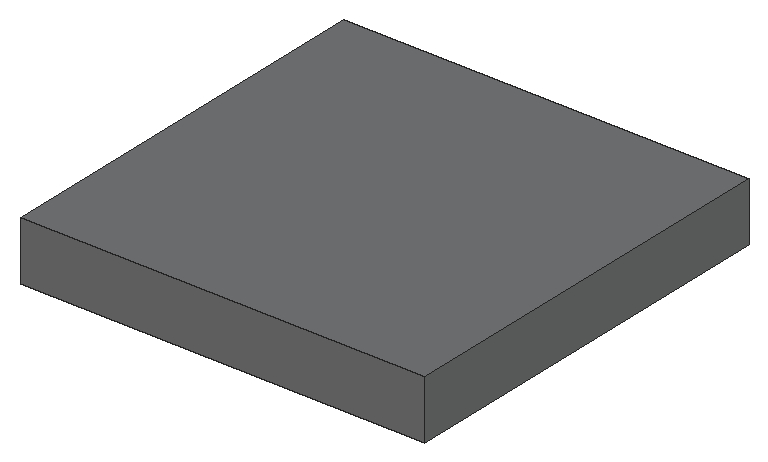
Revit family "Gira_086901", category Electrical Fixtures, host Face, Revit 2017
Family settings
  Host = Face
  Maintain Annotation Orientation = No
  Round Connector Dimension = Use Diameter
  Part Type = Normal
  Cut with Voids When Loaded = No
  Shared = No
  Room Calculation Point = No
Parameters (values of type "Abd. Koaxial-Antennensteckd. System 55 Cremeweiß")
  Zusammenstellung = "Zentralplatte"
  Werkstoffgüte = "sonstige"
  Werkstoff = "Kunststoff"
  URL = "http://katalog.gira.de/de_DE/datenblatt.html?artikelnr=086901"
  Transparent = "No"
  Tragring = "No"
  Region = "DE"
  RAL-Nummer (ähnlich) = "1013 "
  Oberfläche = "sonstige"
  Name = "Abd. Koaxial-Antennensteckd. System 55 Cremeweiß"
  Montageart = "unter Putz"
  Mit Zugentlastung = "No"
  Mit Staubschutz = "No"
  Mit Klappdeckel = "No"
  Mit Aufdruck = "No"
  Manufacturer URL = "https://www.gira.de/"
  Lüsterklemme = "No"
  Keynote = "Sys55_Abdeckung_Schalten und Tasten"
  HeinzeBIM = "https://bimportal.heinze.de/bim/abd-koaxial-antennensteckd-system-55-cremeweiss/fb6446db30fd469ab678f064253e435547fe3247"
  Halogenfrei = "Yes"
  HAN = "086901"
  Geeignet für Schutzart (IP) = "IP20"
  GTIN = "4010337869016"
  Farbe = "cremeweiß (elektroweiß)"
  Default Elevation = 1219.2 mm
  Data sheet (1) = "https://katalog.gira.de/de_DE/download.html?artikelnr=086901"
  Category = "Einsatz/Abdeckung für Kommunikationstechnik"
  Beschriftungsfeld = "ohne Beschriftungsfeld"
  Befestigungsart = "Befestigung mit Schraube"
  Available = "Yes"
  Ausführung der Oberfläche = "glänzend"
  Anthrazit [instance] = Anthrazit
Reference planes
  plane 1 "Center (Front/Back)": y = 0
  plane 2: z = 0
  plane 3 "Center (Left/Right)": x = 0
Forms (mm)
  Extrusion 1, solid, material "Anthrazit" <- "Anthrazit", detail levels fine
    sketch origin (0, 0, 0) x (1, 0, 0) y (0, 1, 0)
      loop
        line (-27.5, 27.5) -> (-27.5, -27.5) -> (27.5, -27.5) -> (27.5, 27.5) -> (-27.5, 27.5)
    from 0 to 8
  Extrusion 2, void
    sketch origin (0, 0, 0) x (1, 0, 0) y (0, 1, 0)
      loop
        line (26, 26) -> (-26, 26) -> (-26, -26) -> (26, -26) -> (26, 26)
    from 0 to 6
  Extrusion 3, solid, material "Anthrazit" <- "Anthrazit", detail levels medium
    sketch origin (0, 0, 0) x (1, 0, 0) y (0, 1, 0)
      loop
        line (-27.5, 27.5) -> (-27.5, -27.5) -> (27.5, -27.5) -> (27.5, 27.5) -> (-27.5, 27.5)
    from 0 to 8
  Extrusion 4, solid, material "Anthrazit" <- "Anthrazit", detail levels medium
    sketch origin (0, 0, 0) x (1, 0, 0) y (0, 1, 0)
      loop
        line (11, -17.5) -> (11, 17.5) -> (-11, 17.5) -> (-11, -17.5) -> (11, -17.5)
    from -6 to 6
  Extrusion 5, solid, material "Anthrazit" <- "Anthrazit", detail levels fine
    sketch origin (0, 0, 0) x (1, 0, 0) y (0, 1, 0)
      loop
        line (11, 17.5) -> (-11, 17.5) -> (-11, 16.5) -> (11, 16.5) -> (11, 17.5)
      loop
        line (-11, -16.5) -> (-11, -17.5) -> (11, -17.5) -> (11, -16.5) -> (-11, -16.5)
    from -4 to 6
  Extrusion 6, solid, material "Anthrazit" <- "Anthrazit", detail levels fine
    sketch origin (0, 0, 0) x (1, 0, 0) y (0, 1, 0)
      loop
        arc (5, 9.347) -> (0, 10.6) -> (-5, 9.347) r 10.6
        line (-5, 9.347) -> (-5, -9.347)
        arc (-5, -9.347) -> (0, -10.6) -> (5, -9.347) r 10.6
        line (5, -9.347) -> (5, 9.347)
    from -6 to 6
  Extrusion 7, solid, material "Anthrazit" <- "Anthrazit", detail levels coarse
    sketch origin (0, 0, 0) x (1, 0, 0) y (0, 1, 0)
      loop
        line (-27.5, 27.5) -> (-27.5, -27.5) -> (27.5, -27.5) -> (27.5, 27.5) -> (-27.5, 27.5)
    from -6 to 8
Cuts and joins
  Extrusion 2 cuts Extrusion 1
Dimensions and locks
  aligned and locked: plane 2 to host face
  aligned and locked: level to host face
